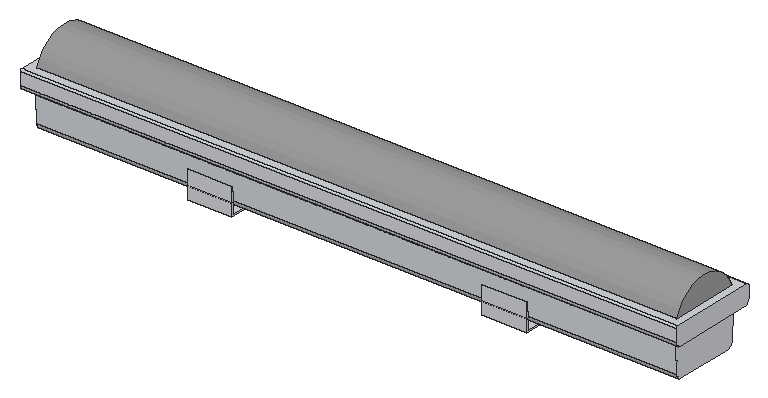
Revit family "0010203", category Lighting Fixtures, host Face, Revit 2017
Family settings
  Host = Face
  Round Connector Dimension = Use Diameter
  Part Type = Normal
  OmniClass Number = 23.80.70.00
  OmniClass Title = Lighting
  Cut with Voids When Loaded = No
  Light Source = Yes
  Shared = No
  Room Calculation Point = No
Parameters (values of type "0010203 RESISTO 600 IP66 2500LM 840")
  Weight = "10.2 kg"
  Wattage Comments = ""
  Wattage = 19 W
  WarrantyStartDate [instance] = "n/a"
  WarrantyGuarantorParts = "n/a"
  WarrantyDurationUnit = "n/a"
  WarrantyDurationParts = "n/a"
  WarrantyDescription = "n/a"
  WIDTH_SYL = 44.5 mm
  built-in parameter 1150110 = 1 (stored number, unit not read)
  Voltage = 0 V
  URL = "http://www.sylvania-lighting.com"
  TypeName = "Resisto  600 IP66 2500lm 840"
  Type Image = <None>
  Type Comments = "n/a"
  built-in parameter 1114217 = 1 (stored number, unit not read)
  Tilt Angle = -90.00°
  built-in parameter 1150109 = 1 (stored number, unit not read)
  built-in parameter 1150134 = 12
  TOP_WIDTH_SYL = 33.5 mm
  built-in parameter 1150113 = 1 (stored number, unit not read)
  SerialNumber [instance] = "n/a"
  Photometric Web File = "0010203.ies"
  built-in parameter 1150142 = "IESNA:LM-63-2002\r\n[TEST] 0010203\r\n[TESTLAB] Sylvania\r\n[TESTDATE] 5 Nov 2020\r\n[ISSUEDATE] 5 Nov 2020\r\n[MANUFAC] Sylvania\r\n[LUMCAT] 0010203\r\n[LUMINAIRE] Resisto  600 IP65 2500lm 840\r\n[FLASHAREA] 0.038908\r\n[LAMPCAT] 0010203 Resisto  600 IP65 2500lm 840\r\n[LAMP] 0010203 Resisto  600 IP65 2500lm 840\r\n[OTHER] Absolute Photometry\r\nTILT=NONE\r\n1 -1 1.0 37 5 1 2 0.087 0.650 0.040\r\n1.00 1.00 19.00\r\n0.00 5.00 10.00 15.00 20.00 25.00 30.00 35.00 40.00 45.00 \r\n50.00 55.00 60.00 65.00 70.00 75.00 80.00 85.00 90.00 \r\n95.00 100.00 105.00 110.00 115.00 120.00 125.00 130.00 \r\n135.00 140.00 145.00 150.00 155.00 160.00 165.00 170.00 \r\n175.00 180.00 \r\n0.00 22.50 45.00 67.50 90.00 \r\n830.34 826.78 815.65 796.34 769.81 733.90 687.10 631.01 \r\n568.85 502.48 434.38 366.08 298.45 231.31 165.90 102.82 \r\n45.79 7.26 2.72 2.85 1.61 1.83 2.13 2.45 2.76 0.00 0.00 \r\n0.00 0.00 0.00 0.00 0.00 0.00 0.00 0.00 0.00 0.00 \r\n830.34 825.16 809.53 787.61 763.97 736.74 701.71 659.75 \r\n616.41 567.71 508.67 435.23 345.38 256.22 182.38 125.97 \r\n84.42 53.46 30.73 13.75 8.09 3.69 2.78 3.00 3.20 0.00 \r\n0.00 0.00 0.00 0.00 0.00 0.00 0.00 0.00 0.00 0.00 0.00 \r\n830.34 821.88 804.79 796.84 779.45 767.48 753.82 728.53 \r\n688.35 614.52 508.16 398.82 309.48 242.85 194.48 156.71 \r\n124.20 95.70 72.48 53.89 35.12 21.77 12.31 6.66 4.07 0.00 \r\n0.00 0.00 0.00 0.00 0.00 0.00 0.00 0.00 0.00 0.00 0.00 \r\n830.34 818.87 808.75 802.84 800.52 799.27 787.30 753.27 \r\n680.73 576.04 471.24 384.19 317.66 267.71 229.06 194.68 \r\n162.00 132.00 105.23 76.29 47.05 30.54 20.58 13.35 8.56 \r\n0.00 0.00 0.00 0.00 0.00 0.00 0.00 0.00 0.00 0.00 0.00 \r\n0.00 \r\n830.34 817.86 810.57 803.89 809.79 805.74 795.50 752.66 \r\n667.91 562.42 463.84 384.71 323.21 278.03 240.67 206.57 \r\n173.65 142.91 111.52 76.52 48.57 32.47 22.88 16.16 11.24 \r\n0.00 0.00 0.00 0.00 0.00 0.00 0.00 0.00 0.00 0.00 0.00 \r\n0.00 \r\n"
  Material_3_SYL = none
  PowerFactor = 0.95
  PowerConsumption = "19.0 W"
  NominalLength = 650 mm
  NominalHeight = 80 mm
  NominalDepth = 87 mm
  Name = "Resisto  600 IP66 2500lm 840"
  ModelReference = Name  # "Resisto  600 IP66 2500lm 840"
  ModelNumber = "0010203"
  Model = Name  # "Resisto  600 IP66 2500lm 840"
  Material = "pc polycarbonate housing, pc polycarbonate diffuser"
  ManufacturerName = "Feilo Sylvania"
  Manufacturer = "Feilo Sylvania"
  MID_WIDTH_SYL = 36 mm
  LuminousEfficacy = "132 lm/W"
  built-in parameter 1150105 = -2082492.7 (stored number, unit not read)
  Lumens = 2508 lm
  LuminaireType = ""
  built-in parameter 1150115 = 1 (stored number, unit not read)
  LightOutputRatio = "n/a"
  built-in parameter 1150137 = (empty or 0)
  built-in parameter 1150139 = (empty or 0)
  LampsType = Lamp  # "LED"
  LampNominalLuminous = "2500 lm"
  LampMacAdamStep = "5"
  LampColourTemperature = "4000 K"
  LampColourRenderingIndex = "80"
  built-in parameter 1150112 = 1 (stored number, unit not read)
  built-in parameter 1150114 = 1 (stored number, unit not read)
  Lamp = "LED"
  LENGHT_SYL = if(L1500_SYL, 742 mm, if(L1200_SYL, 592 mm, 317 mm))  # 317 mm
  LENGHT_CHAMFER_SYL = if(L1500_SYL, 750 mm, if(L1200_SYL, 600 mm, 325 mm))  # 325 mm
  LENGHT_650_SYL = 325 mm
  LENGHT-_SYL = if(L1500_SYL, -742 mm, if(L1200_SYL, -592 mm, -317 mm))  # -317 mm
  LENGHT-_CHAMFER_SYL = if(L1500_SYL, -750 mm, if(L1200_SYL, -600 mm, -325 mm))  # -325 mm
  LEGHT_650-_SYL = -325 mm
  LEGHT_1500_SYL = 750 mm
  LEGHT_1500-_SYL = -750 mm
  LEGHT_1200_SYL = 600 mm
  LEGHT_1200-_SYL = -600 mm
  L0650_SYL = yes
  L1500_SYL = no
  L1200_SYL = no
  Keynote = "16500"
  InstallationDate [instance] = "n/a"
  InputVoltage = "n/a"
  InputNominalFrequency = "n/a"
  built-in parameter 1150132 = (empty or 0)
  built-in parameter 1150102 = (empty or 0)
  built-in parameter 1150107 = 4000 (stored number, unit not read)
  built-in parameter 1150138 = (empty or 0)
  IngressProtection = "IP66"
  ImpactProtectionIndex = "IK08"
  built-in parameter 1150106 = -20824.9 (stored number, unit not read)
  IfcExportType = "IfcLightFixtureType"
  IfcExportAs = "IfcLightFixtureType"
  Emit from Circle Diameter = 609.6 mm
  Emit Shape Visible in Rendering = no
  ElectricShockClassification = "Class I"
  built-in parameter 1150104 = 12.263 (stored number, unit not read)
  DocumentationLiterature = "http://www.sylvania-lighting.com/product/en-int/products/0010203"
  DimmingControlOptions = "n/a"
  Material_2_SYL = none
  Dimming Lamp Color Temperature Shift = <None>
  Description = "Resisto, integrated LED weatherproof luminaire, with UV stabilized flat diffuser designed to achieve uniform lit appearance, optimise light output and to reduce glare. 301 stainless steel diffuser clips and fixing brackets for surface mounting. Polycarbonate housing and diffuser - no yellow discolouration over time. 2500lm; 19W; 132lm/W; 4000K; SDCM<5; non dimmable; CRI80; IP66; IK08; Class I; 69,000hrs (L80B20) lifespan; 650mm x 89mm x 88mm; D-mark."
  Default Elevation = 1219.2 mm
  DIF_WIDHT_SYL = 35 mm
  DIF_HEIGHT_SYL = 24 mm
  CreatedOn = "3/10/2021"
  CreatedBy = "@sylvania-lighting.com"
  Cost = 0
  Color Filter = 16777215
  built-in parameter 1114216 [instance] = (empty or 0)
  ClassificationValue = "EF_70_80"
  ClassificationName = "Uniclass2015"
  Material_1_SYL = Default
  CHAMFER_SYL = 19 mm
  BarCode [instance] = "n/a"
  built-in parameter 1114218 = 1 (stored number, unit not read)
  BRACKET_WIDTH_SYL = BRACKET_DIST_SYL - 44 mm  # 125 mm
  BRACKET_HEIGHT_SYL = 9 mm
  BRACKET_DIST_SYL = LENGHT_CHAMFER_SYL - 156 mm  # 169 mm
  BODY_SYL = 36 mm
  built-in parameter 1150133 = 10 (stored number, unit not read)
  AssetType = "Fixed"
  AssetIdentifier [instance] = "n/a"
  Assembly Code = "D5020200"
  Apparent Load = 19 VA
  Material_4_SYL = none
Reference planes
  plane 1 "Center (Front/Back)": y = 0
  plane 2: z = 0
  plane 3 "Center (Left/Right)": x = 0
  plane 4: z = 9
  plane 5: z = 45
  plane 6: z = 64
  plane 7: z = 88
  plane 8: y = -44.5
  plane 9: y = 44.5
  plane 10: y = -35
  plane 11: y = 35
  plane 12: y = 33.5
  plane 13: y = -33.5
  plane 14: y = -36
  plane 15: y = 36
  plane 16: z = 1
Forms (mm)
  Extrusion 1, solid
    sketch origin (319, 1524, 1219.2) x (0, 1, 0) y (0, 0, 1)
      loop
        line (-1552.835, -1210.2) -> (-1495.165, -1210.2)
        arc (-1495.165, -1210.2) -> (-1491.754, -1208.856) -> (-1490.177, -1205.546) r 5
        line (-1490.177, -1205.546) -> (-1488.323, -1178.854) -> (-1488, -1174.2) -> (-1560, -1174.2) -> (-1559.677, -1178.854) -> (-1557.823, -1205.546)
        arc (-1557.823, -1205.546) -> (-1556.246, -1208.856) -> (-1552.835, -1210.2) r 5
    from -317 <- "LENGHT-_SYL" to 317 <- "LENGHT_SYL"
  Extrusion 2, solid, material "Default" <- "Material_1_SYL"
    sketch origin (319, 1524, 1219.2) x (0, 1, 0) y (0, 0, 1)
      loop
        arc (-1490.5, -1155.2) -> (-1524, -1131.2) -> (-1557.5, -1155.2) r 35.38
        line (-1557.5, -1155.2) -> (-1490.5, -1155.2)
    from -317 <- "LENGHT-_SYL" to 317 <- "LENGHT_SYL"
  Extrusion 3, solid
    sketch origin (319, 1524, 1219.2) x (0, 1, 0) y (0, 0, 1)
      loop
        line (-1481.5, -1155.2) -> (-1566.5, -1155.2)
        arc (-1566.5, -1155.2) -> (-1567.914, -1155.786) -> (-1568.5, -1157.2) r 2
        line (-1568.5, -1157.2) -> (-1568.5, -1169.2)
        arc (-1568.5, -1169.2) -> (-1567.036, -1172.736) -> (-1563.5, -1174.2) r 5
        line (-1563.5, -1174.2) -> (-1484.5, -1174.2)
        arc (-1484.5, -1174.2) -> (-1480.964, -1172.736) -> (-1479.5, -1169.2) r 5
        line (-1479.5, -1169.2) -> (-1479.5, -1157.2)
        arc (-1479.5, -1157.2) -> (-1480.086, -1155.786) -> (-1481.5, -1155.2) r 2
    from -325 <- "LENGHT-_CHAMFER_SYL" to 325 <- "LENGHT_CHAMFER_SYL"
  Extrusion 4, solid
    sketch origin (319, 1524, 1219.2) x (0, 1, 0) y (0, 0, 1)
      loop
        line (-1489, -1219.2) -> (-1489, -1192.216) -> (-1490.5, -1192.216) -> (-1490.5, -1218.2) -> (-1557.5, -1218.2) -> (-1557.5, -1192.172) -> (-1559, -1192.172) -> (-1559, -1219.2) -> (-1489, -1219.2)
    from 125 <- "BRACKET_WIDTH_SYL" to 169 <- "BRACKET_DIST_SYL"
  Extrusion 5, solid
    sketch origin (321, 1524, 1219.2) x (0, 1, 0) y (0, 0, -1)
      loop
        line (-1489, 1219.2) -> (-1559, 1219.2) -> (-1559, 1192.172) -> (-1557.5, 1192.172) -> (-1557.5, 1218.2) -> (-1490.5, 1218.2) -> (-1490.5, 1192.216) -> (-1489, 1192.216) -> (-1489, 1219.2)
    from 125 <- "BRACKET_WIDTH_SYL" to 169 <- "BRACKET_DIST_SYL"
Dimensions and locks
  "BRACKET_HEIGHT_SYL": plane 4 to host face
  "BODY_SYL": plane 4 to plane 5
  "CHAMFER_SYL": plane 5 to plane 6
  "DIF_HEIGHT_SYL": plane 6 to plane 7
  "WIDTH_SYL": plane 9 to plane 1 "Center (Front/Back)" to plane 8
  "DIF_WIDHT_SYL": plane 11 to plane 1 "Center (Front/Back)" to plane 10
  "TOP_WIDTH_SYL": plane 12 to plane 1 "Center (Front/Back)" to plane 13
  "MID_WIDTH_SYL": plane 15 to plane 1 "Center (Front/Back)" to plane 14
  aligned and locked: plane 2 to host face
  aligned and locked: level to host face
  aligned and locked: Extrusion 3 sketch curve to plane 6
  aligned and locked: Extrusion 3 sketch curve to plane 9
  aligned and locked: plane 5 to Extrusion 3 sketch curve
  aligned and locked: plane 8 to Extrusion 3 sketch curve
Automatic sketch dimensions
  host sketch curve to host sketch curve = 2438.4 mm  (x2)
  plane 5 to Extrusion 1 sketch curve = 0 mm
  Extrusion 1 sketch curve to plane 14 = 0 mm
  plane 4 to Extrusion 1 sketch curve = 0 mm
  Extrusion 1 sketch curve to plane 15 = 0 mm
  Extrusion 1 sketch curve to plane 14 = 0.323 mm
  plane 13 to Extrusion 1 sketch curve = 0.323 mm
  Extrusion 1 sketch curve to plane 13 = 4.665 mm
  plane 12 to Extrusion 1 sketch curve = 4.665 mm
  Extrusion 1 sketch curve to plane 12 = 0.323 mm
  plane 15 to Extrusion 1 sketch curve = 0.323 mm
  Extrusion 1 sketch curve to plane 4 = 4.654 mm  (x2)
  plane 5 to Extrusion 1 sketch curve = 4.654 mm  (x2)
  plane 6 to Extrusion 2 sketch curve = 0 mm
  Extrusion 2 sketch curve to plane 13 = 0 mm
  Extrusion 2 sketch curve to plane 1 "Center (Front/Back)" = 0 mm
  Extrusion 2 sketch curve to plane 5 = 7.62 mm
  Extrusion 3 sketch curve to plane 8 = 2 mm
  plane 14 to Extrusion 3 sketch curve = 3.5 mm
  Extrusion 3 sketch curve to plane 15 = 3.5 mm
  plane 6 to Extrusion 3 sketch curve = 2 mm
  Extrusion 4 sketch curve to level = 0 mm
  Extrusion 4 sketch curve to plane 10 = 0 mm
  Extrusion 4 sketch curve to plane 13 = 0 mm
  Extrusion 4 sketch curve to plane 12 = 0 mm
  Extrusion 4 sketch curve to plane 11 = 0 mm
  plane 16 to Extrusion 4 sketch curve = 0 mm
  Extrusion 4 sketch curve to plane 4 = 17.984 mm
  plane 5 to Extrusion 4 sketch curve = 17.972 mm
  Extrusion 5 sketch curve to level = 0 mm
  Extrusion 5 sketch curve to plane 10 = 0 mm
  Extrusion 5 sketch curve to plane 13 = 0 mm
  Extrusion 5 sketch curve to plane 12 = 0 mm
  Extrusion 5 sketch curve to plane 11 = 0 mm
  plane 16 to Extrusion 5 sketch curve = 0 mm
  Extrusion 5 sketch curve to plane 4 = 17.984 mm
  plane 5 to Extrusion 5 sketch curve = 17.972 mm
Connectors
  electrical at (2, 0, 27)
    settings: on Extrusion 1, index 1, voltage 0 V, apparent load 0 VA, apparent load phase1 0 VA, apparent load phase2 0 VA, apparent load phase3 0 VA, power factor 1, load classification "Other", number of poles 1, system type 31, power factor state 1, is connector primary yes, connector utility no, sub classification motor no, connector description ""
Types (60, lengths in mm): name | Weight | Wattage | TypeName | built-in parameter 1150134 | Photometric Web File | built-in parameter 1150142 | PowerFactor | PowerConsumption | NominalLength | Name | ModelReference | ModelNumber | Model | LuminousEfficacy | built-in parameter 1150105 | Lumens | LampNominalLuminous | LampMacAdamStep | LampColourTemperature | LENGHT_SYL | LENGHT_CHAMFER_SYL | LENGHT-_SYL | LENGHT-_CHAMFER_SYL | L0650_SYL | L1500_SYL | L1200_SYL | built-in parameter 1150107 | built-in parameter 1150106 | built-in parameter 1150104 | DocumentationLiterature | Description | BRACKET_WIDTH_SYL | BRACKET_DIST_SYL | Apparent Load
  0010278 RESISTO 1500 HE IP66 8300LM 840 | "1.95 kg" | 54 W | "Resisto 1500 HE IP66 8300lm 840" | 12 | "0010278.ies" | "IESNA:LM-63-2002\r\n[TEST] 0010278\r\n[TESTLAB]\r\n[MANUFAC] \r\n[LUMCAT]\r\n[LUMINAIRE] Resisto?1500 HE IP66 8300lm 84 0 /4000 \r\n[LAMP] 0010278 Resisto?1500 HE IP66 8/4000\r\n[BALLAST] \r\n[ISSUEDATE]\r\n[OTHER] B-Angle = 0.00 B-Tilt = 0.00 2021-03-05\r\nTILT=NONE\r\n1 8300.00 1 37 5 1 2 0.087 1.500 0.040\r\n1.0 1.0 54.00\r\n   0.00   5.00  10.00  15.00  20.00  25.00  30.00  35.00  40.00  45.00\r\n  50.00  55.00  60.00  65.00  70.00  75.00  80.00  85.00  90.00  95.00\r\n 100.00 105.00 110.00 115.00 120.00 125.00 130.00 135.00 140.00 145.00\r\n 150.00 155.00 160.00 165.00 170.00 175.00 180.00\r\n   0.00  22.50  45.00  67.50  90.00\r\n    2669.11    2660.23    2629.19    2577.65    2498.71    2393.47    2261.67\r\n    2105.13    1929.58    1740.68    1541.39    1337.30    1131.37     921.96\r\n     707.99     486.38     268.01      85.16       7.14       7.14       7.39\r\n       7.55       7.64       8.30       9.21      10.13      11.12      12.28\r\n      13.61      15.02      16.35      17.76      19.09      20.25      21.16\r\n      21.91      22.41\r\n    2669.11    2660.81    2612.34    2535.40    2449.58    2356.12    2249.38\r\n    2133.10    2013.17    1887.09    1736.03    1530.35    1257.70     958.23\r\n     690.56     478.16     321.38     206.26     123.34      64.41      33.20\r\n      13.86       9.71      10.54      11.12      11.70      12.37      13.20\r\n      14.19      15.19      16.35      17.51      18.76      19.67      20.58\r\n      21.41      22.41\r\n    2669.11    2645.63    2571.67    2519.13    2473.07    2438.46    2421.19\r\n    2372.72    2266.90    2045.12    1707.31    1343.44    1043.23     815.31\r\n     642.83     512.28     407.03     314.65     239.46     182.02     126.08\r\n      78.77      46.23      25.15      15.52      15.19      15.02      15.02\r\n      15.02      15.60      16.52      17.51      18.51      19.42      20.34\r\n      21.08      22.41\r\n    2669.11    2633.51    2563.95    2538.64    2531.75    2563.37    2547.69\r\n    2452.07    2219.50    1867.50    1520.81    1240.19    1015.50     840.62\r\n     711.81     604.90     496.92     399.31     319.22     239.62     149.07\r\n     100.76      67.56      45.65      29.38      18.34      16.60      16.43\r\n      16.27      16.27      16.60      17.51      18.59      19.50      20.42\r\n      21.25      22.41\r\n    2669.11    2633.18    2564.62    2544.53    2564.04    2594.16    2571.59\r\n    2438.21    2158.91    1799.03    1479.06    1222.18    1015.17     860.96\r\n     745.01     639.10     527.13     424.88     335.57     234.89     147.16\r\n     103.83      74.87      55.20      38.84      25.90      20.42      19.92\r\n      19.67      19.42      19.50      20.09      21.08      21.91      22.49\r\n      22.74      22.41\r\n" | 0.95 | "54 W" | 1500 | "Resisto 1500 HE IP66 8300lm 840" | "Resisto 1500 HE IP66 8300lm 840" | "0010278" | "Resisto 1500 HE IP66 8300lm 840" | "154 lm/W" | 2674.3 (stored number, unit not read) | 8316 lm | "8300 lm" | "3" | "4000 K" | 742 | 750 | -742 | -750 | no | yes | no | 4000 (stored number, unit not read) | 26.743 (stored number, unit not read) | 14.307 (stored number, unit not read) | "http://www.sylvania-lighting.com/product/en-int/products/0010278" | "Resisto, integrated LED weatherproof luminaire, with UV stabilized flat diffuser designed to achieve uniform lit appearance, optimise light output and to reduce glare. 301 stainless steel diffuser clips and fixing brackets for surface mounting. Polycarbonate housing and diffuser - no yellow discolouration over time. 8300lm; 54W; 154lm/W; 4000K; SDCM<3; non dimmable; CRI80; IP66; IK08; Class I; 69,000hrs (L80B20) lifespan; 1500mm x 89mm x 88mm; D-mark." | 550 | 594 | 54 VA
  0010274 RESISTO 1500 HE IP66 DALI 7100LM 840 | "2.01 kg" | 46 W | "Resisto 1500 HE IP66 DALI 7100lm 840" | 12 | "0010274.ies" | "IESNA:LM-63-2002\r\n[TEST] 0010274\r\n[TESTLAB]\r\n[MANUFAC] \r\n[LUMCAT]\r\n[LUMINAIRE] Resisto 1500 HE IP66 DALI 7100 lm 840 /4000 \r\n[LAMP] 0010274 Resisto 1500 HE IP66 D/4000\r\n[BALLAST] \r\n[ISSUEDATE]\r\n[OTHER] B-Angle = 0.00 B-Tilt = 0.00 2021-02-16\r\nTILT=NONE\r\n1 7100.00 1 37 5 1 2 0.087 1.500 0.040\r\n1.0 1.0 46.00\r\n   0.00   5.00  10.00  15.00  20.00  25.00  30.00  35.00  40.00  45.00\r\n  50.00  55.00  60.00  65.00  70.00  75.00  80.00  85.00  90.00  95.00\r\n 100.00 105.00 110.00 115.00 120.00 125.00 130.00 135.00 140.00 145.00\r\n 150.00 155.00 160.00 165.00 170.00 175.00 180.00\r\n   0.00  22.50  45.00  67.50  90.00\r\n    2367.50    2355.99    2324.75    2272.21    2198.66    2105.22    1987.15\r\n    1846.50    1688.17    1517.63    1338.35    1156.09     971.56     783.84\r\n     591.57     393.34     202.42      52.40       6.04       6.32       6.60\r\n       6.74       7.10       7.67       8.38       9.23      10.15      11.15\r\n      12.28      13.49      14.70      15.90      16.97      17.96      18.82\r\n      19.38      19.74\r\n    2367.50    2349.25    2296.64    2224.43    2147.47    2064.82    1969.75\r\n    1864.18    1753.49    1637.54    1496.04    1306.61    1062.44     799.82\r\n     568.50     386.67     253.61     155.92      88.11      42.32      20.66\r\n       8.24       8.38       8.95       9.66      10.22      10.86      11.64\r\n      12.57      13.56      14.55      15.62      16.61      17.61      18.39\r\n      19.03      19.74\r\n    2367.50    2328.59    2259.79    2218.68    2171.11    2138.38    2120.20\r\n    2071.14    1967.62    1757.25    1446.63    1125.85     867.98     675.21\r\n     529.80     419.18     329.30     252.12     190.92     142.71      97.91\r\n      59.78      33.65      17.18      12.99      13.06      13.14      13.14\r\n      13.42      14.06      14.77      15.62      16.47      17.40      18.18\r\n      18.82      19.74\r\n    2367.50    2314.25    2259.57    2234.80    2232.45    2253.47    2231.60\r\n    2133.98    1911.53    1588.98    1283.82    1043.70     851.93     704.04\r\n     595.12     503.60     411.52     330.36     264.33     193.76     120.35\r\n      80.59      53.25      34.65      21.87      14.63      14.48      14.48\r\n      14.41      14.41      14.91      15.62      16.47      17.32      18.18\r\n      18.89      19.74\r\n    2367.50    2303.60    2263.13    2242.32    2275.55    2286.48    2253.19\r\n    2110.69    1838.62    1518.83    1247.26    1030.14     856.33     727.32\r\n     628.78     536.69     440.55     354.86     277.54     188.43     117.29\r\n      83.99      59.78      43.31      30.25      20.52      17.61      17.40\r\n      17.32      17.11      17.25      17.82      18.53      19.17      19.74\r\n      19.95      19.74\r\n" | 0.98 | "46 W" | 1500 | "Resisto 1500 HE IP66 DALI 7100lm 840" | "Resisto 1500 HE IP66 DALI 7100lm 840" | "0010274" | "Resisto 1500 HE IP66 DALI 7100lm 840" | "154 lm/W" | 2362.2 (stored number, unit not read) | 7084 lm | "7100 lm" | "3" | "4000 K" | 742 | 750 | -742 | -750 | no | yes | no | 4000 (stored number, unit not read) | 23.622 (stored number, unit not read) | 14.307 (stored number, unit not read) | "http://www.sylvania-lighting.com/product/en-int/products/0010274" | "Resisto, integrated LED weatherproof luminaire, with UV stabilized flat diffuser designed to achieve uniform lit appearance, optimise light output and to reduce glare. 301 stainless steel diffuser clips and fixing brackets for surface mounting. Polycarbonate housing and diffuser - no yellow discolouration over time. 7100lm; 46W; 154lm/W; 4000K; SDCM<3; DALI dimmable; CRI80; IP66; IK08; Class I; 69,000hrs (L80B20) lifespan; 1500mm x 89mm x 88mm; D-mark." | 550 | 594 | 46 VA
  0010273 RESISTO 1500 HE IP66 DALI 4000LM 840 | "1.95 kg" | 25 W | "Resisto 1500 HE IP66 DALI 4000lm 840" | 12 | "0010273.ies" | "IESNA:LM-63-2002\r\n[TEST] 0010273\r\n[TESTLAB]\r\n[MANUFAC] \r\n[LUMCAT]\r\n[LUMINAIRE] Resisto 1500 HE IP66 DALI 4000 lm 840 /4000 \r\n[LAMP] 0010273 Resisto 1500 HE IP66 D/4000\r\n[BALLAST] \r\n[ISSUEDATE]\r\n[OTHER] B-Angle = 0.00 B-Tilt = 0.00 2021-02-16\r\nTILT=NONE\r\n1 4000.00 1 37 5 1 2 0.087 1.500 0.040\r\n1.0 1.0 25.00\r\n   0.00   5.00  10.00  15.00  20.00  25.00  30.00  35.00  40.00  45.00\r\n  50.00  55.00  60.00  65.00  70.00  75.00  80.00  85.00  90.00  95.00\r\n 100.00 105.00 110.00 115.00 120.00 125.00 130.00 135.00 140.00 145.00\r\n 150.00 155.00 160.00 165.00 170.00 175.00 180.00\r\n   0.00  22.50  45.00  67.50  90.00\r\n    1286.32    1282.04    1267.08    1242.24    1204.20    1153.48    1089.96\r\n    1014.52     929.92     838.88     742.84     644.48     545.24     444.32\r\n     341.20     234.40     129.16      41.04       3.44       3.44       3.56\r\n       3.64       3.68       4.00       4.44       4.88       5.36       5.92\r\n       6.56       7.24       7.88       8.56       9.20       9.76      10.20\r\n      10.56      10.80\r\n    1286.32    1282.32    1258.96    1221.88    1180.52    1135.48    1084.04\r\n    1028.00     970.20     909.44     836.64     737.52     606.12     461.80\r\n     332.80     230.44     154.88      99.40      59.44      31.04      16.00\r\n       6.68       4.68       5.08       5.36       5.64       5.96       6.36\r\n       6.84       7.32       7.88       8.44       9.04       9.48       9.92\r\n      10.32      10.80\r\n    1286.32    1275.00    1239.36    1214.04    1191.84    1175.16    1166.84\r\n    1143.48    1092.48     985.60     822.80     647.44     502.76     392.92\r\n     309.80     246.88     196.16     151.64     115.40      87.72      60.76\r\n      37.96      22.28      12.12       7.48       7.32       7.24       7.24\r\n       7.24       7.52       7.96       8.44       8.92       9.36       9.80\r\n      10.16      10.80\r\n    1286.32    1269.16    1235.64    1223.44    1220.12    1235.36    1227.80\r\n    1181.72    1069.64     900.00     732.92     597.68     489.40     405.12\r\n     343.04     291.52     239.48     192.44     153.84     115.48      71.84\r\n      48.56      32.56      22.00      14.16       8.84       8.00       7.92\r\n       7.84       7.84       8.00       8.44       8.96       9.40       9.84\r\n      10.24      10.80\r\n    1286.32    1269.00    1235.96    1226.28    1235.68    1250.20    1239.32\r\n    1175.04    1040.44     867.00     712.80     589.00     489.24     414.92\r\n     359.04     308.00     254.04     204.76     161.72     113.20      70.92\r\n      50.04      36.08      26.60      18.72      12.48       9.84       9.60\r\n       9.48       9.36       9.40       9.68      10.16      10.56      10.84\r\n      10.96      10.80\r\n" | 0.98 | "25 W" | 1500 | "Resisto 1500 HE IP66 DALI 4000lm 840" | "Resisto 1500 HE IP66 DALI 4000lm 840" | "0010273" | "Resisto 1500 HE IP66 DALI 4000lm 840" | "160 lm/W" | 1286.3 (stored number, unit not read) | 4000 lm | "4000 lm" | "3" | "4000 K" | 742 | 750 | -742 | -750 | no | yes | no | 4000 (stored number, unit not read) | 12.863 (stored number, unit not read) | 14.864 (stored number, unit not read) | "http://www.sylvania-lighting.com/product/en-int/products/0010273" | "Resisto, integrated LED weatherproof luminaire, with UV stabilized flat diffuser designed to achieve uniform lit appearance, optimise light output and to reduce glare. 301 stainless steel diffuser clips and fixing brackets for surface mounting. Polycarbonate housing and diffuser - no yellow discolouration over time. 4000lm; 25W; 160lm/W; 4000K; SDCM<3; DALI dimmable; CRI80; IP66; IK08; Class I; 69,000hrs (L80B20) lifespan; 1500mm x 89mm x 88mm; D-mark." | 550 | 594 | 25 VA
  0010272 RESISTO 1500 HE IP66 7100LM 840 EM | "2.58 kg" | 50 W | "Resisto 1500 HE IP66 7100lm 840 EM" | 12 | "0010272.ies" | "IESNA:LM-63-2002\r\n[TEST] 0010272\r\n[TESTLAB]\r\n[MANUFAC] \r\n[LUMCAT]\r\n[LUMINAIRE] Resisto 1500 HE IP66 7100lm 84 0 EM /4000 \r\n[LAMP] 0010272 Resisto 1500 HE IP66 7/4000\r\n[BALLAST] \r\n[ISSUEDATE]\r\n[OTHER] B-Angle = 0.00 B-Tilt = 0.00 2021-02-16\r\nTILT=NONE\r\n1 7100.00 1 37 5 1 2 0.087 1.500 0.040\r\n1.0 1.0 50.00\r\n   0.00   5.00  10.00  15.00  20.00  25.00  30.00  35.00  40.00  45.00\r\n  50.00  55.00  60.00  65.00  70.00  75.00  80.00  85.00  90.00  95.00\r\n 100.00 105.00 110.00 115.00 120.00 125.00 130.00 135.00 140.00 145.00\r\n 150.00 155.00 160.00 165.00 170.00 175.00 180.00\r\n   0.00  22.50  45.00  67.50  90.00\r\n    2367.50    2355.99    2324.75    2272.21    2198.66    2105.22    1987.15\r\n    1846.50    1688.17    1517.63    1338.35    1156.09     971.56     783.84\r\n     591.57     393.34     202.42      52.40       6.04       6.32       6.60\r\n       6.74       7.10       7.67       8.38       9.23      10.15      11.15\r\n      12.28      13.49      14.70      15.90      16.97      17.96      18.82\r\n      19.38      19.74\r\n    2367.50    2349.25    2296.64    2224.43    2147.47    2064.82    1969.75\r\n    1864.18    1753.49    1637.54    1496.04    1306.61    1062.44     799.82\r\n     568.50     386.67     253.61     155.92      88.11      42.32      20.66\r\n       8.24       8.38       8.95       9.66      10.22      10.86      11.64\r\n      12.57      13.56      14.55      15.62      16.61      17.61      18.39\r\n      19.03      19.74\r\n    2367.50    2328.59    2259.79    2218.68    2171.11    2138.38    2120.20\r\n    2071.14    1967.62    1757.25    1446.63    1125.85     867.98     675.21\r\n     529.80     419.18     329.30     252.12     190.92     142.71      97.91\r\n      59.78      33.65      17.18      12.99      13.06      13.14      13.14\r\n      13.42      14.06      14.77      15.62      16.47      17.40      18.18\r\n      18.82      19.74\r\n    2367.50    2314.25    2259.57    2234.80    2232.45    2253.47    2231.60\r\n    2133.98    1911.53    1588.98    1283.82    1043.70     851.93     704.04\r\n     595.12     503.60     411.52     330.36     264.33     193.76     120.35\r\n      80.59      53.25      34.65      21.87      14.63      14.48      14.48\r\n      14.41      14.41      14.91      15.62      16.47      17.32      18.18\r\n      18.89      19.74\r\n    2367.50    2303.60    2263.13    2242.32    2275.55    2286.48    2253.19\r\n    2110.69    1838.62    1518.83    1247.26    1030.14     856.33     727.32\r\n     628.78     536.69     440.55     354.86     277.54     188.43     117.29\r\n      83.99      59.78      43.31      30.25      20.52      17.61      17.40\r\n      17.32      17.11      17.25      17.82      18.53      19.17      19.74\r\n      19.95      19.74\r\n" | 0.95 | "50 W" | 1500 | "Resisto 1500 HE IP66 7100lm 840 EM" | "Resisto 1500 HE IP66 7100lm 840 EM" | "0010272" | "Resisto 1500 HE IP66 7100lm 840 EM" | "142 lm/W" | 2367.5 (stored number, unit not read) | 7100 lm | "7100 lm" | "3" | "4000 K" | 742 | 750 | -742 | -750 | no | yes | no | 4000 (stored number, unit not read) | 23.675 (stored number, unit not read) | 13.192 (stored number, unit not read) | "http://www.sylvania-lighting.com/product/en-int/products/0010272" | "Resisto, integrated LED weatherproof luminaire, with UV stabilized flat diffuser designed to achieve uniform lit appearance, optimise light output and to reduce glare. 301 stainless steel diffuser clips and fixing brackets for surface mounting. Polycarbonate housing and diffuser - no yellow discolouration over time. 7100lm; 50W; 142lm/W; 4000K; SDCM<3; non dimmable; CRI80; IP66; IK08; Class I; 69,000hrs (L80B20) lifespan; 1500mm x 89mm x 88mm; D-mark; 3-hour maintained emergency batteries." | 550 | 594 | 50 VA
  0010271 RESISTO 1500 HE IP66 4000LM 840 EM | "2.51 kg" | 29 W | "Resisto 1500 HE IP66 4000lm 840 EM" | 12 | "0010271.ies" | "IESNA:LM-63-2002\r\n[TEST] 0010271\r\n[TESTLAB]\r\n[MANUFAC] \r\n[LUMCAT]\r\n[LUMINAIRE] Resisto 1500 HE IP66 4000lm 84 0 EM /4000 \r\n[LAMP] 0010271 Resisto 1500 HE IP66 4/4000\r\n[BALLAST] \r\n[ISSUEDATE]\r\n[OTHER] B-Angle = 0.00 B-Tilt = 0.00 2021-02-16\r\nTILT=NONE\r\n1 4000.00 1 37 5 1 2 0.087 1.500 0.040\r\n1.0 1.0 29.00\r\n   0.00   5.00  10.00  15.00  20.00  25.00  30.00  35.00  40.00  45.00\r\n  50.00  55.00  60.00  65.00  70.00  75.00  80.00  85.00  90.00  95.00\r\n 100.00 105.00 110.00 115.00 120.00 125.00 130.00 135.00 140.00 145.00\r\n 150.00 155.00 160.00 165.00 170.00 175.00 180.00\r\n   0.00  22.50  45.00  67.50  90.00\r\n    1286.32    1282.04    1267.08    1242.24    1204.20    1153.48    1089.96\r\n    1014.52     929.92     838.88     742.84     644.48     545.24     444.32\r\n     341.20     234.40     129.16      41.04       3.44       3.44       3.56\r\n       3.64       3.68       4.00       4.44       4.88       5.36       5.92\r\n       6.56       7.24       7.88       8.56       9.20       9.76      10.20\r\n      10.56      10.80\r\n    1286.32    1282.32    1258.96    1221.88    1180.52    1135.48    1084.04\r\n    1028.00     970.20     909.44     836.64     737.52     606.12     461.80\r\n     332.80     230.44     154.88      99.40      59.44      31.04      16.00\r\n       6.68       4.68       5.08       5.36       5.64       5.96       6.36\r\n       6.84       7.32       7.88       8.44       9.04       9.48       9.92\r\n      10.32      10.80\r\n    1286.32    1275.00    1239.36    1214.04    1191.84    1175.16    1166.84\r\n    1143.48    1092.48     985.60     822.80     647.44     502.76     392.92\r\n     309.80     246.88     196.16     151.64     115.40      87.72      60.76\r\n      37.96      22.28      12.12       7.48       7.32       7.24       7.24\r\n       7.24       7.52       7.96       8.44       8.92       9.36       9.80\r\n      10.16      10.80\r\n    1286.32    1269.16    1235.64    1223.44    1220.12    1235.36    1227.80\r\n    1181.72    1069.64     900.00     732.92     597.68     489.40     405.12\r\n     343.04     291.52     239.48     192.44     153.84     115.48      71.84\r\n      48.56      32.56      22.00      14.16       8.84       8.00       7.92\r\n       7.84       7.84       8.00       8.44       8.96       9.40       9.84\r\n      10.24      10.80\r\n    1286.32    1269.00    1235.96    1226.28    1235.68    1250.20    1239.32\r\n    1175.04    1040.44     867.00     712.80     589.00     489.24     414.92\r\n     359.04     308.00     254.04     204.76     161.72     113.20      70.92\r\n      50.04      36.08      26.60      18.72      12.48       9.84       9.60\r\n       9.48       9.36       9.40       9.68      10.16      10.56      10.84\r\n      10.96      10.80\r\n" | 0.95 | "29 W" | 1500 | "Resisto 1500 HE IP66 4000lm 840 EM" | "Resisto 1500 HE IP66 4000lm 840 EM" | "0010271" | "Resisto 1500 HE IP66 4000lm 840 EM" | "138 lm/W" | 1287 (stored number, unit not read) | 4002 lm | "4000 lm" | "3" | "4000 K" | 742 | 750 | -742 | -750 | no | yes | no | 4000 (stored number, unit not read) | 12.87 (stored number, unit not read) | 12.821 (stored number, unit not read) | "http://www.sylvania-lighting.com/product/en-int/products/0010271" | "Resisto, integrated LED weatherproof luminaire, with UV stabilized flat diffuser designed to achieve uniform lit appearance, optimise light output and to reduce glare. 301 stainless steel diffuser clips and fixing brackets for surface mounting. Polycarbonate housing and diffuser - no yellow discolouration over time. 4000lm; 29W; 138lm/W; 4000K; SDCM<3; non dimmable; CRI80; IP66; IK08; Class I; 69,000hrs (L80B20) lifespan; 1500mm x 89mm x 88mm; D-mark; 3-hour maintained emergency batteries." | 550 | 594 | 29 VA
  0010269 RESISTO 1500 HE IP66 7100LM 840 | "1.95 kg" | 46 W | "Resisto  1500 HE IP66 7100lm 840" | 12 | "0010269.ies" | "IESNA:LM-63-2002\r\n[TEST] 0010269\r\n[TESTLAB]\r\n[MANUFAC] \r\n[LUMCAT]\r\n[LUMINAIRE] Resisto  1500 HE IP66 7100lm 8 40 /4000 \r\n[LAMP] 0010269 Resisto  1500 HE IP66 /4000\r\n[BALLAST] \r\n[ISSUEDATE]\r\n[OTHER] B-Angle = 0.00 B-Tilt = 0.00 2021-02-16\r\nTILT=NONE\r\n1 7100.00 1 37 5 1 2 0.087 1.500 0.040\r\n1.0 1.0 46.00\r\n   0.00   5.00  10.00  15.00  20.00  25.00  30.00  35.00  40.00  45.00\r\n  50.00  55.00  60.00  65.00  70.00  75.00  80.00  85.00  90.00  95.00\r\n 100.00 105.00 110.00 115.00 120.00 125.00 130.00 135.00 140.00 145.00\r\n 150.00 155.00 160.00 165.00 170.00 175.00 180.00\r\n   0.00  22.50  45.00  67.50  90.00\r\n    2367.50    2355.99    2324.75    2272.21    2198.66    2105.22    1987.15\r\n    1846.50    1688.17    1517.63    1338.35    1156.09     971.56     783.84\r\n     591.57     393.34     202.42      52.40       6.04       6.32       6.60\r\n       6.74       7.10       7.67       8.38       9.23      10.15      11.15\r\n      12.28      13.49      14.70      15.90      16.97      17.96      18.82\r\n      19.38      19.74\r\n    2367.50    2349.25    2296.64    2224.43    2147.47    2064.82    1969.75\r\n    1864.18    1753.49    1637.54    1496.04    1306.61    1062.44     799.82\r\n     568.50     386.67     253.61     155.92      88.11      42.32      20.66\r\n       8.24       8.38       8.95       9.66      10.22      10.86      11.64\r\n      12.57      13.56      14.55      15.62      16.61      17.61      18.39\r\n      19.03      19.74\r\n    2367.50    2328.59    2259.79    2218.68    2171.11    2138.38    2120.20\r\n    2071.14    1967.62    1757.25    1446.63    1125.85     867.98     675.21\r\n     529.80     419.18     329.30     252.12     190.92     142.71      97.91\r\n      59.78      33.65      17.18      12.99      13.06      13.14      13.14\r\n      13.42      14.06      14.77      15.62      16.47      17.40      18.18\r\n      18.82      19.74\r\n    2367.50    2314.25    2259.57    2234.80    2232.45    2253.47    2231.60\r\n    2133.98    1911.53    1588.98    1283.82    1043.70     851.93     704.04\r\n     595.12     503.60     411.52     330.36     264.33     193.76     120.35\r\n      80.59      53.25      34.65      21.87      14.63      14.48      14.48\r\n      14.41      14.41      14.91      15.62      16.47      17.32      18.18\r\n      18.89      19.74\r\n    2367.50    2303.60    2263.13    2242.32    2275.55    2286.48    2253.19\r\n    2110.69    1838.62    1518.83    1247.26    1030.14     856.33     727.32\r\n     628.78     536.69     440.55     354.86     277.54     188.43     117.29\r\n      83.99      59.78      43.31      30.25      20.52      17.61      17.40\r\n      17.32      17.11      17.25      17.82      18.53      19.17      19.74\r\n      19.95      19.74\r\n" | 0.95 | "46 W" | 1500 | "Resisto  1500 HE IP66 7100lm 840" | "Resisto  1500 HE IP66 7100lm 840" | "0010269" | "Resisto  1500 HE IP66 7100lm 840" | "154 lm/W" | 2362.2 (stored number, unit not read) | 7084 lm | "7100 lm" | "3" | "4000 K" | 742 | 750 | -742 | -750 | no | yes | no | 4000 (stored number, unit not read) | 23.622 (stored number, unit not read) | 14.307 (stored number, unit not read) | "http://www.sylvania-lighting.com/product/en-int/products/0010269" | "Resisto, integrated LED weatherproof luminaire, with UV stabilized flat diffuser designed to achieve uniform lit appearance, optimise light output and to reduce glare. 301 stainless steel diffuser clips and fixing brackets for surface mounting. Polycarbonate housing and diffuser - no yellow discolouration over time. 7100lm; 46W; 154lm/W; 4000K; SDCM<3; non dimmable; CRI80; IP66; IK08; Class I; 69,000hrs (L80B20) lifespan; 1500mm x 89mm x 88mm; D-mark." | 550 | 594 | 46 VA
